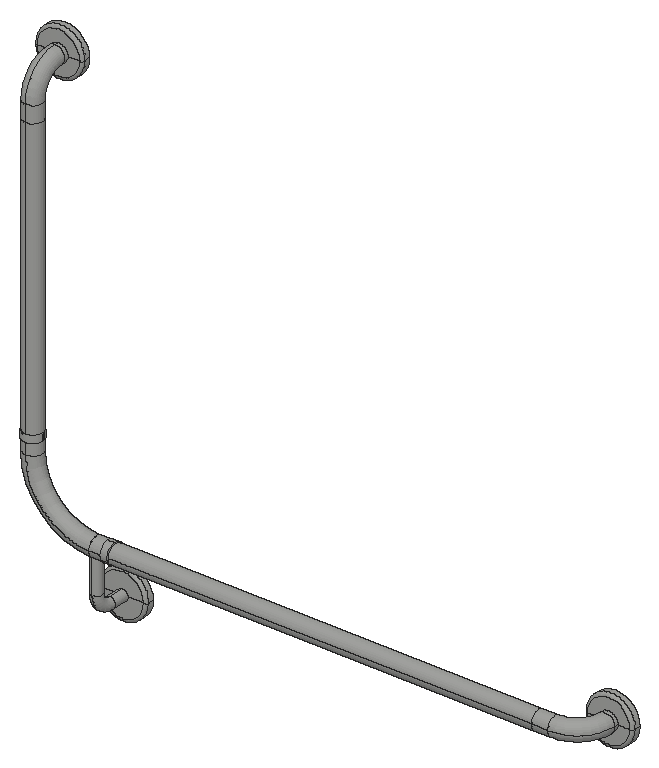
Revit family "RBA4806-911", category Plumbing Fixtures, Revit 2021
Family settings
  Round Connector Dimension = Use Diameter
  Part Type = Normal
  Work Plane-Based = No
  Always vertical = Yes
  Cut with Voids When Loaded = No
  Shared = No
  Room Calculation Point = No
Parameters
  Watermarked By = "www.rba.com.au"
  URL = "www.rba.com.au"
  R_Void [instance] = 15.00 mm
  R [instance] = 0.00 mm
  Phone Number = ""
  Modified Issue = "20180918.01"
  Model = "RBA4801-901"
  Materials and Finishes = Brushed Gunmetal
  Manufacturer Model = "B819436"
  Manufacturer = "RBA Group"
  Description = "RTA SSS Left Hand Single Wall 90° Rail"
  Default Elevation = 0.00 mm
  Copyrighted by = "RBA Group"  # constant formula
  Assembly Code = ""
Reference planes
  plane 1 "Center (Front/Back)": y = 0
  plane 2: z = 0
  plane 3: x = 40.5
  plane 4: x = 990.5
  plane 5: x = 515.5
  plane 6: z = 700
  plane 7: x = 835.5
  plane 8: z = -100
  plane 9: x = 974.5
  plane 10: z = 16
  plane 11: y = -70
  plane 12: y = -86
  plane 13: y = -54
  plane 14: y = -79.5
  plane 15: y = -60.5
  plane 16: z = -30
  plane 17: z = 30
  plane 18: x = 1606.5
  plane 19: x = 1666.5
  plane 20: z = 670
  plane 21: z = 730
  plane 22: x = 716.5
  plane 23: x = 656.5
  plane 24: z = -130
  plane 25: z = -70
  plane 26: x = 766.5
  plane 27: x = 826.5
Forms (mm)
  Extrusion 1, solid, material "Brushed Gunmetal" <- "Materials and Finishes"
    sketch origin (1636.5, -2.628, 315.907) x (0, 0, -1) y (-1, 0, 0)
      loop
        circle (315.907, 0) r 40
    from -0.219 to 2.628
  Revolve 2, solid, material "Brushed Gunmetal" <- "Materials and Finishes"
    sketch origin (1636.5, 18.663, 0) x (0, -1, 0) y (1, 0, 0)
      loop
        line (18.663, 0) -> (33.701, 0) -> (32.842, 36.617)
        arc (32.842, 36.617) -> (31.337, 40.077) -> (27.844, 41.5) r 5
        line (27.844, 41.5) -> (18.663, 41.5) -> (18.663, 0)
      axis (18.663, 0) -> (33.701, 0)
    angle from 0 to 360
  Extrusion 3, void
    sketch origin (1636.5, 34.941, 315.907) x (0, 0, -1) y (-1, 0, 0)
      loop
        circle (315.907, 30) r 5
      loop
        circle (315.907, -30) r 5
    from -37.788 to -30
  Sweep 4, solid, material "Brushed Gunmetal" <- "Materials and Finishes"
    path origin (1636.5, 12.454, 0) x (0, -1, 0) y (-1, 0, 0)
      loop
        line (12.454, 0) -> (34.454, 0)
        arc (34.454, 0) -> (68.395, 14.059) -> (82.454, 48) r 48
        line (82.454, 48) -> (82.454, 76)
    profile origin (1636.5, -11, 0) x (1, 0, 0) y (0, 0, 1)
      loop
        circle (0, 0) r 16
  Extrusion 5, solid, material "Brushed Gunmetal" <- "Materials and Finishes"
    sketch origin (686.5, -2.628, 1015.907) x (0, 0, -1) y (-1, 0, 0)
      loop
        circle (315.907, 0) r 40
    from -0.219 to 2.628
  Extrusion 6, void
    sketch origin (686.5, 34.941, 1015.907) x (0, 0, -1) y (-1, 0, 0)
      loop
        circle (315.907, -30) r 5
      loop
        circle (315.907, 30) r 5
    from -37.788 to -30
  Sweep 7, solid, material "Brushed Gunmetal" <- "Materials and Finishes"
    path origin (-13.5, 12.454, 700) x (0, -1, 0) y (0, 0, -1)
      loop
        line (12.454, 0) -> (34.454, 0)
        arc (34.454, 0) -> (68.395, 14.059) -> (82.454, 48) r 48
        line (82.454, 48) -> (82.454, 76)
    profile origin (-13.5, -11, 700) x (0, 0, -1) y (1, 0, 0)
      loop
        circle (0, 700) r 16
  Revolve 8, solid, material "Brushed Gunmetal" <- "Materials and Finishes"
    sketch origin (686.5, 18.663, 700) x (0, -1, 0) y (1, 0, 0)
      loop
        line (18.663, 0) -> (18.663, -41.5) -> (27.844, -41.5)
        arc (27.844, -41.5) -> (31.337, -40.077) -> (32.842, -36.617) r 5
        line (32.842, -36.617) -> (33.701, 0) -> (18.663, 0)
      axis (18.663, 0) -> (33.701, 0)
    angle from 0 to 360
  Sweep 9, solid, material "Brushed Gunmetal" <- "Materials and Finishes"
    path origin (1677, 0, 0) x (-1, 0, 0) y (0, 0, -1)
      loop
        line (116.5, 0) -> (880.5, 0)
        arc (880.5, 0) -> (958.282, -32.218) -> (990.5, -110) r 110
        line (990.5, -110) -> (990.5, -624)
    profile origin (1178.5, 0, 0) x (0, 0, -1) y (0, -1, 0)
      loop
        circle (0, 70) r 16
  Extrusion 10, solid, material "Brushed Gunmetal" <- "Materials and Finishes"
    sketch origin (796.5, -2.628, 215.907) x (0, 0, -1) y (-1, 0, 0)
      loop
        circle (315.907, 0) r 40
    from -0.219 to 2.628
  Revolve 11, solid, material "Brushed Gunmetal" <- "Materials and Finishes"
    sketch origin (796.5, 18.663, -100) x (0, -1, 0) y (1, 0, 0)
      loop
        line (18.663, 0) -> (33.701, 0) -> (32.842, 36.617)
        arc (32.842, 36.617) -> (31.337, 40.077) -> (27.844, 41.5) r 5
        line (27.844, 41.5) -> (18.663, 41.5) -> (18.663, 0)
      axis (18.663, 0) -> (33.701, 0)
    angle from 0 to 360
  Sweep 12, solid, material "Brushed Gunmetal" <- "Materials and Finishes"
    path origin (796.5, 12.454, -100) x (0, -1, 0) y (0, 0, 1)
      loop
        line (12.454, 0) -> (54.454, 0)
        arc (54.454, 0) -> (74.253, 8.201) -> (82.454, 28) r 28
        line (82.454, 28) -> (82.454, 100)
    profile origin (796.5, -21, -100) x (0, 0, 1) y (-1, 0, 0)
      loop
        circle (0, 0) r 9.5
  Extrusion 13, void
    sketch origin (796.5, 34.941, 215.907) x (0, 0, -1) y (-1, 0, 0)
      loop
        circle (315.907, 30) r 5
      loop
        circle (315.907, -30) r 5
    from -37.788 to -30
  Extrusion 14, solid, material "Brushed Gunmetal" <- "Materials and Finishes"
    sketch origin (1677, 0, 0) x (-1, 0, 0) y (0, -1, 0)
      loop
        circle (990.5, 70) r 17
    from 142 to 130
  Extrusion 15, solid, material "Brushed Gunmetal" <- "Materials and Finishes"
    sketch origin (1026.5, 0, 990.5) x (0, 0, -1) y (0, -1, 0)
      loop
        circle (990.5, 70) r 17
    from 210 to 198
Cuts and joins
  Extrusion 3 cuts Extrusion 1
  Extrusion 6 cuts Extrusion 5
  Extrusion 13 cuts Extrusion 10
  Extrusion 3 cuts Revolve 2
  Extrusion 6 cuts Revolve 8
  Extrusion 13 cuts Revolve 11
  joined: Revolve 2, Sweep 4, Sweep 7, Revolve 8, Sweep 9, Revolve 11, Sweep 12
Dimensions and locks
  level to plane 8 = 100.00 mm
  plane 6 to level = 700.00 mm
  plane 4 to plane 7 = 155.00 mm
  plane 4 to plane 3 = 950.00 mm
  Revolve 2 sketch curve to Revolve 2 sketch curve = 41.50 mm
  plane 17 to plane 16 = 60.00 mm
  plane 18 to plane 19 = 60.00 mm
  plane 21 to plane 20 = 60.00 mm
  plane 23 to plane 22 = 60.00 mm
  Revolve 8 sketch curve to Revolve 8 sketch curve = 41.50 mm
  Revolve 11 sketch curve to Revolve 11 sketch curve = 41.50 mm
  plane 25 to plane 24 = 60.00 mm
  plane 26 to plane 27 = 60.00 mm
  radius of Extrusion 1 sketch curve = 40.00 mm
  radius of Sweep 4 sketch curve = 16.00 mm
  radius of Extrusion 5 sketch curve = 40.00 mm
  radius of Sweep 7 sketch curve = 16.00 mm
  radius of Extrusion 10 sketch curve = 40.00 mm
  radius of Sweep 12 sketch curve = 9.50 mm
  aligned and locked: Revolve 2 to Extrusion 1
  aligned and locked: Revolve 11 to Extrusion 10
